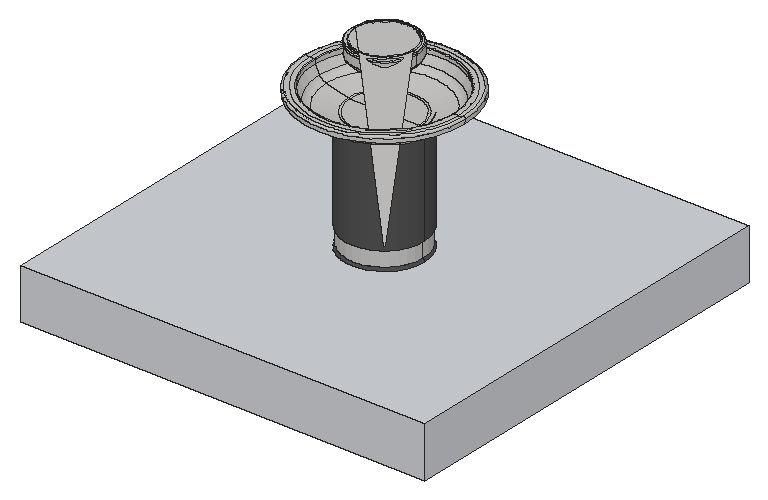
Revit family
Parameters (values of type "3506-3-H")
  Waste Connection = yes
  Voltage = 0
  Vent Connection = no
  VP- Vinylclad Housing Color (Black or Gray or White) = no
  URL = "http://www.acorneng.com"
  Type Comments = ""
  TT - Top Supply; Vent Thru-Fixture = no
  TS- Single-Fold Paper Towel Dispenser = no
  TO - Top Supply; Vent Off Drain = no
  TM- C or Multi-Fold Paper Towel Dispenser = no
  ST- Single Temperature Valve = no
  SPX- 16 Gage Stainless Steel Housing = no
  SO-BAT- Sensor Operation (Batteries Not Included) = no
  SO - Sensor Operation = no
  SC - Supply/Vent Cover, Specify Ceiling Height _____ = no
  Revised Date = "03/21/13"
  Phone # = "626-336-4561"
  PDM - Metering Liquid Soap Dispenser (Not Available with -BT, -PCB, -SC, -TM, -TO, -TS, or -TT) = no
  PCB - Pipe Column Brace (Pipe By Others.) = no
  PBE - Pushbutton Electronic Metering = no
  Model = "3506-3-H"
  Material = Stainless Steel
  Manufacturer = "Acorn Engineering"
  JH31 - 31" Junior Rim Height = no
  HW Connection = yes
  HB- Hose Bibb, Specify; Left or Right = no
  H- Hand Operation = yes
  F - Foot Operation = no
  EG - Enviro-Glaze Color, Bowl and Sprayhead (Specify) = no
  Designed By = "ATS BIM Team"
  Description = "Semi-Circular Models - 6 or 8 Stations"
  Default Elevation = 0.000"
  DV- Liquid/ Lotion Soap Dispenser = no
  DP- Metering Powder Soap Dispenser = no
  CW Connection = yes
  CS- Compact Sprayhead- 9" Diameter x 4" High ( Not available with -DP or -DV) = no
  BT - Bottom Supply; Vent Thru-Fixture = no
  BO - Bottom Supply; Vent Off-Drain = no
  Amperage = 0
Reference planes (in)
  plane 1 "Center (Front/Back)": y = 0
  plane 2: z = 0
  plane 3 "Center (Left/Right)": x = 0
  plane 4: z = 28.5
  plane 5: z = 34
  plane 6: z = 44
  plane 7: x = -9.625
  plane 8: x = 9.625
  plane 9: z = 19.5
  plane 10: y = -5
  plane 11: x = -1.5
  plane 12: x = 1.5
Forms (in)
  Extrusion 1, solid
    sketch origin (0, 0, 0) x (1, 0, 0) y (0, 1, 0)
      loop
        line (-48, 48) -> (-48, -48) -> (48, -48) -> (48, 48) -> (-48, 48)
    from 0 to -12
  Revolve 2, solid, material "Stainless Steel" <- "Material"
    sketch origin (0, 0, 0) x (1, 0, 0) y (0, 0, 1)
      loop
        line (-16.66783, 34) -> (-17.77742, 34) -> (-18.74642, 34)
        arc (-18.74642, 34) -> (-19.06674, 33.86732) -> (-19.19942, 33.547) r 0.453
        line (-19.19942, 33.547) -> (-19.19942, 32.625) -> (-16.65242, 32.625) -> (-15.67106, 30.85458)
        arc (-15.67106, 30.85458) -> (-14.91991, 29.99086) -> (-13.88218, 29.50776) r 2.75
        line (-13.88218, 29.50776) -> (-9.5, 28.5) -> (-9.5, 4.34938) -> (-9.20048, 4.34938) -> (-9.20048, 0.656) -> (-9.625, 0) -> (-0.00102, 0) -> (-0.00102, 44) -> (-6.72301, 44)
        arc (-6.72301, 44) -> (-6.76451, 43.99023) -> (-6.79729, 43.96296) r 0.093
        line (-6.79729, 43.96296) -> (-6.90228, 43.82823)
        arc (-6.90228, 43.82823) -> (-6.93167, 43.80783) -> (-6.96659, 43.80003) r 0.093
        line (-6.96659, 43.80003) -> (-7.53649, 43.78511)
        arc (-7.53649, 43.78511) -> (-7.6476, 43.73651) -> (-7.69327, 43.62416) r 0.161
        line (-7.69327, 43.62416) -> (-7.69327, 43.219) -> (-7.62529, 43.219) -> (-7.62529, 40.9129)
        arc (-7.62529, 40.9129) -> (-7.61197, 40.84593) -> (-7.57403, 40.78916) r 0.175
        line (-7.57403, 40.78916) -> (-5.85351, 39.06863)
        arc (-5.85351, 39.06863) -> (-5.79673, 39.0307) -> (-5.72976, 39.01737) r 0.175
        line (-5.72976, 39.01737) -> (-3.01991, 39.01737)
        arc (-3.01991, 39.01737) -> (-3.00883, 38.9928) -> (-3.00215, 38.96669) r 0.15625
        arc (-3.00215, 38.96669) -> (-2.97382, 38.89634) -> (-2.91839, 38.84458) r 0.175
        arc (-2.91839, 38.84458) -> (-2.60303, 38.52487) -> (-2.48779, 38.09084) r 0.875
        line (-2.48779, 38.09084) -> (-2.48779, 28.5) -> (-8.15751, 28.5)
        arc (-8.15751, 28.5) -> (-8.38307, 28.51276) -> (-8.60575, 28.55088) r 2
        line (-8.60575, 28.55088) -> (-13.82615, 29.7514)
        arc (-13.82615, 29.7514) -> (-14.76954, 30.19058) -> (-15.45241, 30.97579) r 2.5
        line (-15.45241, 30.97579) -> (-16.50007, 32.86583) -> (-16.50007, 33.83224)
        arc (-16.50007, 33.83224) -> (-16.54921, 33.95086) -> (-16.66783, 34) r 0.16776
      axis (0, 0) -> (0, 44)
    angle from 0 to 360
  Extrusion 3, solid
    sketch origin (0, 0, -0.1879) x (1, 0, 0) y (0, 1, 0)
      loop
        circle (-0.00102, 0) r 1
    from 19.70253 to 19.6879
  Extrusion 4, solid
    sketch origin (0, 0, 0) x (1, 0, 0) y (0, 1, 0)
      loop
        circle (-1.53898, -5) r 0.42
      loop
        circle (1.53898, -5) r 0.42
    from 0 to 0.01563
Dimensions and locks (in)
  plane 8 to plane 7 = 19.250"
  plane 4 to plane 2 = 28.500"
  plane 5 to plane 2 = 34.000"
  plane 6 to plane 2 = 44.000"
  plane 5 to plane 4 = 5.500"
  plane 5 to plane 9 = 14.500"
  plane 10 to plane 1 "Center (Front/Back)" = 5.000"
  plane 11 to plane 12 = 3.000"
  aligned and locked: plane 2 to Extrusion 1
  aligned and locked: level to Extrusion 1
Connectors (in)
  piping at (-0.00102, 0, 19.5)
    settings: on Extrusion 3, index 2
  piping at (1.53898, -5, 0)
    settings: on Extrusion 4, index 3
  piping at (-1.53898, -5, 0)
    settings: on Extrusion 4, index 4
